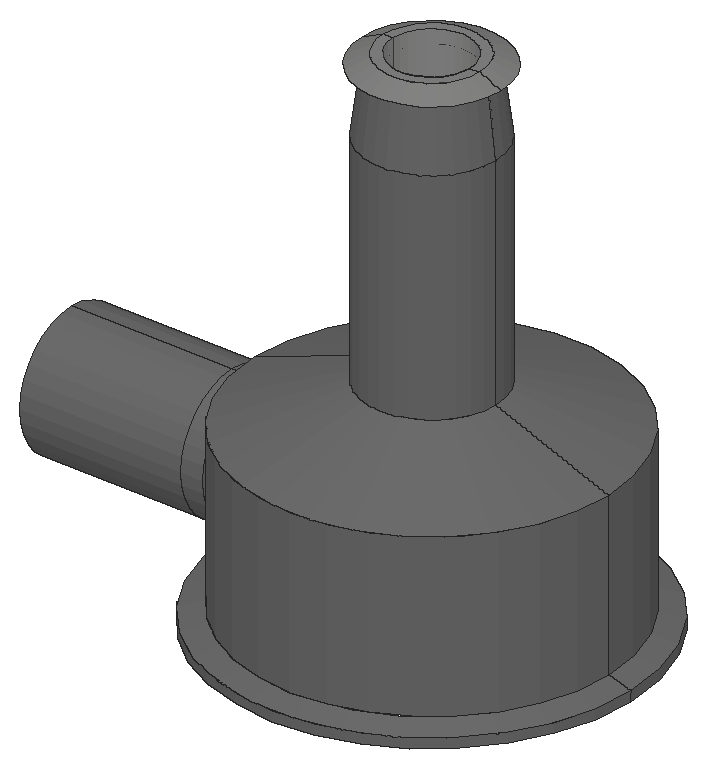
Revit family "Platek_Pico", category Apparecchi per illuminazione, host Superficie, Revit 2017 (continued)
Parameters (values of type "8495011_1,4W_LED_3000K_Full Inox")
    .90 432.25 387.60 \r\n339.15 296.40 256.50 222.30 189.05 158.65 132.05 112.10 \r\n94.34 79.80 66.12 55.10 45.98 38.38 32.49 27.64 24.04 \r\n20.52 17.48 14.82 12.92 11.02 9.12 6.89 4.89 3.14 2.02 \r\n1.37 1.05 0.89 0.77 0.84 0.97 1.06 1.04 1.05 1.15 1.30 \r\n1.33 1.34 1.30 1.32 1.31 1.26 1.23 1.14 1.15 1.09 1.09 \r\n1.04 1.00 0.88 0.73 0.61 0.52 0.49 0.46 0.42 0.37 0.30 \r\n0.26 0.23 0.24 0.21 0.18 0.14 0.12 0.11 0.09 0.10 0.08 \r\n0.08 0.06 0.05 0.02 0.01 0.01 0.00 0.00 0.00 0.00 0.00 \r\n0.00 \r\n662.15 629.85 598.50 560.50 516.80 470.25 426.55 383.80 \r\n338.20 295.45 255.55 221.35 189.05 158.65 133.00 112.10 \r\n94.81 79.99 66.59 55.86 46.84 39.14 33.06 28.12 24.41 \r\n20.62 17.48 14.54 12.45 10.45 8.88 6.86 4.94 3.09 1.95 \r\n1.34 1.09 0.94 0.79 0.83 0.89 1.02 1.01 1.08 1.15 1.26 \r\n1.26 1.26 1.24 1.26 1.24 1.21 1.18 1.14 1.11 1.04 1.02 \r\n0.96 0.90 0.80 0.70 0.60 0.54 0.49 0.46 0.40 0.33 0.25 \r\n0.21 0.20 0.20 0.18 0.16 0.14 0.12 0.10 0.07 0.06 0.05 \r\n0.05 0.04 0.04 0.02 0.01 0.00 0.00 0.00 0.00 0.00 0.00 \r\n0.00 \r\n662.15 627.95 597.55 561.45 518.70 469.30 423.70 381.90 \r\n337.25 295.45 254.60 219.45 187.15 158.65 133.95 114.00 \r\n95.95 80.94 67.55 56.81 47.50 39.90 33.54 28.79 24.89 \r\n21.18 17.77 14.54 12.35 10.36 8.89 6.95 5.04 3.12 1.97 \r\n1.37 1.17 0.99 0.82 0.80 0.81 0.90 0.93 1.07 1.16 1.26 \r\n1.24 1.27 1.29 1.34 1.31 1.25 1.21 1.14 1.06 0.97 0.92 \r\n0.89 0.82 0.73 0.64 0.57 0.51 0.46 0.44 0.39 0.32 0.23 \r\n0.18 0.17 0.16 0.14 0.13 0.13 0.13 0.10 0.07 0.05 0.04 \r\n0.04 0.04 0.03 0.02 0.01 0.01 0.00 0.00 0.00 0.00 0.00 \r\n0.00 \r\n662.15 624.15 596.60 566.20 527.25 475.95 426.55 381.90 \r\n338.20 295.45 253.65 216.60 186.20 158.65 135.85 114.00 \r\n95.95 81.13 68.11 57.09 47.59 40.09 34.01 29.36 25.37 \r\n21.66 18.24 15.01 12.54 10.45 8.91 7.09 5.13 3.24 2.05 \r\n1.46 1.24 1.04 0.87 0.83 0.82 0.90 0.94 1.04 1.11 1.18 \r\n1.18 1.21 1.24 1.26 1.24 1.21 1.19 1.14 1.06 0.96 0.88 \r\n0.85 0.74 0.66 0.57 0.53 0.47 0.42 0.40 0.37 0.33 0.26 \r\n0.20 0.18 0.15 0.13 0.11 0.13 0.13 0.11 0.08 0.04 0.03 \r\n0.03 0.03 0.02 0.02 0.02 0.02 0.01 0.00 0.00 0.00 0.00 \r\n0.00 \r\n662.15 623.20 593.75 565.25 529.15 480.70 431.30 382.85 \r\n338.20 293.55 251.75 215.65 185.25 158.65 136.80 114.95 \r\n96.90 81.22 68.50 57.29 47.59 39.90 33.73 29.26 25.27 \r\n21.75 18.34 15.39 12.82 10.73 8.92 7.18 5.21 3.45 2.24 \r\n1.63 1.32 1.06 0.85 0.79 0.80 0.86 0.88 0.95 1.02 1.09 \r\n1.12 1.13 1.17 1.22 1.24 1.21 1.17 1.11 1.04 0.94 0.84 \r\n0.78 0.67 0.61 0.53 0.48 0.42 0.37 0.36 0.35 0.34 0.30 \r\n0.24 0.20 0.14 0.12 0.10 0.11 0.11 0.09 0.07 0.04 0.03 \r\n0.02 0.02 0.02 0.03 0.03 0.03 0.01 0.00 0.00 0.00 0.00 \r\n0.00 \r\n662.15 618.45 585.20 557.65 524.40 479.75 432.25 382.85 \r\n335.35 288.80 248.90 213.75 186.20 159.60 137.75 115.90 \r\n97.85 81.51 68.88 57.66 47.79 39.52 33.06 28.50 24.61 \r\n21.47 18.34 15.77 13.11 10.93 8.88 7.17 5.22 3.57 2.37 \r\n1.73 1.30 0.99 0.76 0.72 0.76 0.83 0.84 0.88 0.94 1.03 \r\n1.06 1.04 1.04 1.05 1.13 1.14 1.12 1.05 0.98 0.90 0.78 \r\n0.70 0.61 0.59 0.54 0.49 0.41 0.35 0.33 0.33 0.33 0.32 \r\n0.26 0.20 0.13 0.11 0.09 0.09 0.08 0.06 0.04 0.03 0.02 \r\n0.02 0.01 0.01 0.02 0.02 0.02 0.01 0.00 0.00 0.00 0.00 \r\n0.00 \r\n662.15 620.35 584.25 551.95 515.85 474.05 428.45 378.10 \r\n330.60 283.10 245.10 211.85 184.30 159.60 137.75 116.85 \r\n98.80 81.98 68.88 57.66 47.59 38.57 31.64 26.98 23.37 \r\n20.71 17.96 15.68 13.11 10.93 8.75 6.96 5.15 3.63 2.48 \r\n1.76 1.24 0.88 0.64 0.62 0.66 0.74 0.76 0.81 0.88 0.98 \r\n1.02 1.00 1.01 1.04 1.14 1.14 1.09 1.01 0.92 0.83 0.69 \r\n0.59 0.57 0.60 0.59 0.52 0.43 0.35 0.32 0.31 0.31 0.29 \r\n0.22 0.15 0.10 0.08 0.08 0.08 0.07 0.04 0.03 0.02 0.01 \r\n0.01 0.01 0.00 0.01 0.01 0.01 0.00 0.00 0.00 0.00 0.00 \r\n0.00 \r\n662.15 622.25 585.20 550.05 513.00 471.20 426.55 376.20 \r\n326.80 280.25 243.20 210.90 183.35 158.65 136.80 116.85 \r\n97.85 81.70 68.50 57.19 47.12 38.09 31.07 26.03 22.71 \r\n20.14 17.77 15.39 13.11 10.93 8.72 6.74 5.02 3.53 2.46 \r\n1.70 1.20 0.85 0.63 0.60 0.64 0.70 0.74 0.81 0.88 0.97 \r\n1.01 1.03 1.03 1.04 1.08 1.07 1.02 0.96 0.89 0.81 0.66 \r\n0.56 0.55 0.60 0.61 0.53 0.44 0.35 0.31 0.30 0.28 0.26 \r\n0.19 0.12 0.08 0.07 0.08 0.08 0.06 0.04 0.02 0.01 0.00 \r\n0.00 0.00 0.00 0.00 0.00 0.00 0.00 0.00 0.00 0.00 0.00 \r\n0.00 \r\n662.15 627.95 591.85 552.90 512.05 469.30 423.70 372.40 \r\n324.90 279.30 242.25 209.00 180.50 156.75 134.90 114.95 \r\n96.90 80.66 67.73 56.52 46.74 37.91 30.88 25.65 22.14 \r\n19.57 17.29 15.01 12.82 10.64 8.55 6.50 4.87 3.52 2.52 \r\n1.76 1.25 0.92 0.70 0.64 0.66 0.69 0.73 0.80 0.86 0.93 \r\n0.96 1.03 1.08 1.15 1.14 1.08 0.99 0.95 0.94 0.88 0.73 \r\n0.58 0.52 0.55 0.55 0.51 0.43 0.35 0.29 0.27 0.24 0.21 \r\n0.15 0.10 0.07 0.06 0.07 0.07 0.06 0.04 0.02 0.01 0.00 \r\n0.00 0.00 0.00 0.00 0.00 0.00 0.00 0.00 0.00 0.00 0.00 \r\n0.00 \r\n662.15 631.75 594.70 552.90 512.05 468.35 421.80 369.55 \r\n323.00 279.30 242.25 208.05 179.55 154.85 133.00 114.00 \r\n95.95 80.66 68.31 57.19 47.22 38.48 31.45 26.03 22.42 \r\n19.76 17.57 15.20 12.92 10.64 8.51 6.40 4.74 3.44 2.53 \r\n1.82 1.34 1.02 0.80 0.72 0.71 0.73 0.79 0.86 0.94 1.00 \r\n1.04 1.14 1.21 1.27 1.24 1.12 0.98 0.93 0.97 0.94 0.80 \r\n0.63 0.53 0.52 0.50 0.47 0.38 0.32 0.25 0.23 0.20 0.18 \r\n0.14 0.10 0.07 0.06 0.05 0.05 0.04 0.04 0.02 0.01 0.00 \r\n0.00 0.00 0.00 0.00 0.00 0.00 0.00 0.00 0.00 0.00 0.00 \r\n0.00 \r\n662.15 632.70 597.55 554.80 512.05 465.50 417.05 366.70 \r\n320.15 278.35 242.25 209.00 179.55 155.80 133.95 113.05 \r\n95.95 80.94 69.06 58.14 47.88 38.95 31.73 26.22 22.52 \r\n19.95 17.86 15.48 13.02 10.54 8.26 6.21 4.54 3.37 2.56 \r\n1.92 1.39 1.04 0.80 0.72 0.71 0.76 0.85 0.90 0.99 1.03 \r\n1.11 1.22 1.32 1.41 1.36 1.22 1.03 0.95 0.96 0.94 0.81 \r\n0.66 0.56 0.53 0.51 0.46 0.38 0.33 0.27 0.24 0.20 0.16 \r\n0.13 0.11 0.08 0.07 0.04 0.04 0.03 0.04 0.02 0.01 0.01 \r\n0.01 0.01 0.00 0.00 0.00 0.00 0.00 0.00 0.00 0.00 0.00 \r\n0.00 \r\n662.15 629.85 597.55 557.65 515.85 464.55 415.15 366.70 \r\n321.10 280.25 244.15 211.85 182.40 156.75 133.95 113.05 \r\n95.95 81.32 69.35 58.33 47.88 38.95 31.92 26.79 23.27 \r\n20.62 18.43 16.05 13.39 10.73 8.23 6.17 4.45 3.30 2.47 \r\n1.86 1.34 1.02 0.81 0.75 0.74 0.77 0.90 0.95 1.06 1.09 \r\n1.24 1.37 1.45 1.49 1.38 1.24 1.04 0.95 0.89 0.85 0.76 \r\n0.67 0.63 0.62 0.55 0.47 0.38 0.35 0.31 0.28 0.22 0.17 \r\n0.15 0.14 0.12 0.10 0.07 0.06 0.05 0.04 0.03 0.02 0.01 \r\n0.01 0.01 0.01 0.01 0.01 0.01 0.01 0.00 0.00 0.00 0.00 \r\n0.00 \r\n662.15 622.25 592.80 559.55 520.60 468.35 416.10 368.60 \r\n323.00 284.05 246.05 214.70 185.25 158.65 134.90 113.05 \r\n95.00 80.75 68.59 57.38 47.02 38.29 31.73 26.98 23.37 \r\n20.62 18.34 16.25 13.59 10.83 8.13 6.10 4.44 3.29 2.38 \r\n1.77 1.26 0.99 0.83 0.78 0.76 0.77 0.91 0.95 1.07 1.08 \r\n1.24 1.38 1.46 1.48 1.33 1.24 1.06 0.97 0.86 0.79 0.73 \r\n0.70 0.68 0.68 0.63 0.56 0.47 0.44 0.41 0.35 0.28 0.22 \r\n0.20 0.19 0.17 0.14 0.10 0.08 0.07 0.06 0.04 0.03 0.02 \r\n0.01 0.01 0.01 0.02 0.02 0.02 0.01 0.01 0.00 0.00 0.00 \r\n0.00 \r\n662.15 624.15 595.65 563.35 523.45 470.25 418.00 371.45 \r\n326.80 286.90 248.90 216.60 187.15 160.55 134.90 113.05 \r\n95.00 80.18 67.83 56.34 46.08 37.62 31.35 26.89 23.27 \r\n20.52 18.24 16.34 13.87 11.21 8.42 6.41 4.68 3.41 2.35 \r\n1.71 1.26 1.04 0.92 0.82 0.77 0.72 0.84 0.92 1.08 1.12 \r\n1.23 1.36 1.43 1.43 1.28 1.21 1.09 1.00 0.88 0.80 0.76 \r\n0.74 0.70 0.68 0.65 0.61 0.55 0.51 0.46 0.40 0.32 0.28 \r\n0.25 0.25 0.21 0.18 0.13 0.11 0.09 0.08 0.06 0.04 0.02 \r\n0.01 0.02 0.02 0.03 0.03 0.03 0.02 0.01 0.01 0.00 0.00 \r\n0.00 \r\n662.15 623.20 595.65 565.25 527.25 475.95 421.80 373.35 \r\n326.80 286.90 248.90 216.60 187.15 160.55 135.85 114.95 \r\n96.90 81.89 68.78 56.62 46.08 37.52 31.07 26.50 22.71 \r\n19.95 17.77 16.05 13.68 11.12 8.45 6.50 4.75 3.41 2.30 \r\n1.69 1.29 1.06 0.90 0.78 0.75 0.73 0.85 0.98 1.14 1.20 \r\n1.24 1.29 1.33 1.33 1.25 1.22 1.17 1.06 0.95 0.86 0.82 \r\n0.78 0.72 0.68 0.68 0.69 0.66 0.60 0.52 0.45 0.37 0.32 \r\n0.27 0.26 0.23 0.20 0.15 0.12 0.10 0.09 0.07 0.05 0.04 \r\n0.03 0.04 0.04 0.04 0.03 0.03 0.03 0.03 0.02 0.01 0.00 \r\n0.00 \r\n662.15 625.10 597.55 568.10 529.15 476.90 422.75 373.35 \r\n327.75 286.90 248.90 217.55 188.10 161.50 136.80 115.90 \r\n98.80 84.17 70.49 57.86 46.55 37.72 31.07 26.41 22.61 \r\n19.95 17.77 15.96 13.68 11.21 8.72 6.81 4.95 3.51 2.35 \r\n1.75 1.37 1.10 0.90 0.76 0.73 0.76 0.87 1.05 1.21 1.29 \r\n1.28 1.30 1.30 1.30 1.25 1.22 1.19 1.12 1.05 0.97 0.90 \r\n0.81 0.71 0.65 0.67 0.69 0.68 0.62 0.54 0.46 0.37 0.31 \r\n0.26 0.24 0.22 0.20 0.16 0.14 0.13 0.11 0.09 0.06 0.06 \r\n0.05 0.06 0.05 0.05 0.03 0.03 0.03 0.04 0.02 0.01 0.00 \r\n0.00 \r\n662.15 625.10 598.50 572.85 533.90 480.70 423.70 373.35 \r\n327.75 287.85 250.80 219.45 189.05 162.45 136.80 117.80 \r\n101.65 86.73 72.48 59.19 47.31 38.09 31.45 26.60 22.80 \r\n20.05 17.96 16.15 13.87 11.40 8.96 6.94 5.07 3.58 2.45 \r\n1.80 1.41 1.15 0.95 0.82 0.77 0.82 0.92 1.14 1.26 1.37 \r\n1.34 1.35 1.32 1.28 1.23 1.18 1.18 1.16 1.14 1.07 0.97 \r\n0.82 0.70 0.65 0.68 0.71 0.71 0.63 0.55 0.46 0.35 0.27 \r\n0.21 0.21 0.21 0.20 0.18 0.16 0.14 0.12 0.11 0.08 0.07 \r\n0.07 0.07 0.06 0.04 0.02 0.03 0.03 0.05 0.03 0.02 0.00 \r\n0.00 \r\n662.15 629.85 603.25 576.65 532.95 478.80 422.75 374.30 \r\n328.70 287.85 250.80 220.40 190.00 162.45 137.75 117.80 \r\n101.65 86.83 72.77 59.47 47.69 38.19 31.35 26.41 22.71 \r\n20.05 18.24 16.53 14.35 11.97 9.48 7.31 5.36 3.78 2.64 \r\n1.88 1.46 1.24 1.11 1.01 0.91 0.90 0.92 1.09 1.18 1.29 \r\n1.29 1.34 1.36 1.33 1.24 1.15 1.14 1.17 1.18 1.12 0.98 \r\n0.81 0.68 0.62 0.66 0.68 0.68 0.58 0.49 0.40 0.31 0.24 \r\n0.19 0.20 0.21 0.21 0.20 0.17 0.14 0.12 0.11 0.08 0.06 \r\n0.05 0.06 0.05 0.04 0.02 0.02 0.02 0.04 0.03 0.02 0.01 \r\n0.00 \r\n662.15 637.45 610.85 580.45 532.95 479.75 424.65 379.05 \r\n333.45 290.70 253.65 221.35 190.95 161.50 137.75 117.80 \r\n101.65 86.26 72.01 58.71 47.50 38.38 31.45 26.22 22.32 \r\n19.66 18.05 16.43 14.35 11.88 9.44 7.19 5.32 3.72 2.64 \r\n1.87 1.46 1.28 1.22 1.14 1.02 0.94 0.92 1.02 1.10 1.22 \r\n1.25 1.33 1.37 1.31 1.22 1.13 1.15 1.17 1.16 1.08 0.96 \r\n0.81 0.71 0.65 0.67 0.68 0.66 0.55 0.46 0.39 0.33 0.28 \r\n0.24 0.24 0.24 0.23 0.21 0.16 0.13 0.10 0.09 0.06 0.05 \r\n0.04 0.05 0.05 0.05 0.04 0.03 0.03 0.03 0.03 0.02 0.01 \r\n0.00 \r\n662.15 639.35 612.75 579.50 532.00 481.65 430.35 384.75 \r\n339.15 295.45 255.55 221.35 190.95 162.45 138.70 117.80 \r\n100.70 84.55 70.20 57.09 46.55 38.09 31.25 26.13 22.04 \r\n19.29 17.57 15.87 13.96 11.40 9.10 6.88 5.07 3.52 2.51 \r\n1.81 1.43 1.23 1.18 1.16 1.11 1.04 0.99 0.98 1.01 1.07 \r\n1.16 1.26 1.33 1.30 1.21 1.14 1.15 1.17 1.13 1.06 0.97 \r\n0.88 0.77 0.69 0.66 0.64 0.61 0.52 0.45 0.40 0.37 0.35 \r\n0.33 0.31 0.29 0.27 0.22 0.16 0.12 0.09 0.09 0.06 0.04 \r\n0.03 0.04 0.04 0.05 0.05 0.04 0.03 0.03 0.03 0.02 0.01 \r\n0.00 \r\n662.15 641.25 613.70 576.65 532.95 485.45 437.95 391.40 \r\n344.85 301.15 260.30 224.20 191.90 163.40 139.65 118.75 \r\n100.70 83.60 68.78 55.58 45.31 37.52 31.16 26.22 22.04 \r\n19.00 17.10 15.11 13.21 10.64 8.42 6.27 4.68 3.22 2.30 \r\n1.69 1.35 1.12 1.02 1.01 1.05 1.04 1.05 1.00 0.99 1.01 \r\n1.09 1.21 1.29 1.29 1.24 1.22 1.22 1.19 1.13 1.08 1.04 \r\n1.00 0.90 0.80 0.71 0.64 0.60 0.53 0.50 0.45 0.44 0.42 \r\n0.40 0.37 0.33 0.28 0.23 0.17 0.13 0.11 0.09 0.06 0.04 \r\n0.03 0.03 0.04 0.04 0.04 0.04 0.04 0.04 0.04 0.02 0.01 \r\n0.00 \r\n662.15 641.25 612.75 573.80 533.90 489.25 443.65 396.15 \r\n349.60 304.95 261.25 224.20 192.85 164.35 140.60 118.75 \r\n99.75 82.08 67.45 55.01 44.55 36.77 30.50 25.84 21.85 \r\n18.62 16.43 14.35 12.73 10.36 8.17 5.99 4.40 3.03 2.18 \r\n1.64 1.32 1.04 0.89 0.87 1.00 1.07 1.13 1.06 1.01 0.96 \r\n1.03 1.14 1.25 1.30 1.27 1.26 1.24 1.23 1.16 1.14 1.11 \r\n1.09 0.99 0.87 0.75 0.65 0.60 0.55 0.54 0.48 0.44 0.41 \r\n0.40 0.38 0.34 0.29 0.23 0.19 0.16 0.14 0.11 0.08 0.06 \r\n0.04 0.03 0.02 0.02 0.03 0.02 0.03 0.03 0.04 0.02 0.01 \r\n0.00 \r\n662.15 638.40 609.90 573.80 538.65 494.00 447.45 398.05 \r\n351.50 306.85 263.15 225.15 192.85 165.30 140.60 117.80 \r\n97.85 81.03 66.59 54.53 43.89 36.01 29.45 24.98 21.18 \r\n18.14 15.87 13.87 12.35 10.26 8.16 5.93 4.29 2.97 2.11 \r\n1.59 1.25 0.98 0.79 0.73 0.86 0.99 1.10 1.07 1.04 0.98 \r\n1.03 1.11 1.21 1.24 1.25 1.31 1.32 1.30 1.18 1.13 1.07 \r\n1.06 0.97 0.88 0.78 0.68 0.62 0.56 0.54 0.47 0.42 0.37 \r\n0.34 0.32 0.29 0.27 0.21 0.19 0.16 0.14 0.11 0.08 0.06 \r\n0.04 0.03 0.02 0.01 0.01 0.01 0.02 0.03 0.03 0.02 0.01 \r\n0.00 \r\n662.15 630.80 606.10 576.65 548.15 500.65 451.25 399.00 \r\n353.40 309.70 265.05 226.10 192.85 165.30 140.60 116.85 \r\n95.95 79.14 64.98 53.58 43.13 35.34 28.50 24.04 20.14 \r\n17.39 15.20 13.49 12.16 10.45 8.45 6.24 4.42 3.02 2.07 \r\n1.53 1.19 0.95 0.77 0.72 0.83 0.95 1.06 1.04 1.04 0.99 \r\n1.05 1.12 1.18 1.17 1.16 1.24 1.29 1.29 1.16 1.08 0.98 \r\n0.95 0.85 0.77 0.70 0.64 0.61 0.54 0.50 0.42 0.35 0.29 \r\n0.25 0.24 0.21 0.20 0.17 0.15 0.13 0.12 0.09 0.07 0.05 \r\n0.04 0.03 0.01 0.00 0.00 0.00 0.01 0.01 0.02 0.01 0.00 \r\n0.00 \r\n662.15 626.05 605.15 584.25 560.50 510.15 455.05 399.00 \r\n354.35 310.65 268.85 228.95 193.80 166.25 139.65 115.90 \r\n94.91 77.23 63.08 51.59 41.52 34.01 27.46 23.09 19.48 \r\n17.00 15.01 13.39 11.97 10.36 8.46 6.48 4.68 3.26 2.22 \r\n1.57 1.14 0.90 0.76 0.74 0.82 0.89 0.96 0.91 0.95 0.94 \r\n1.06 1.14 1.18 1.13 1.13 1.22 1.27 1.26 1.12 1.03 0.88 \r\n0.81 0.68 0.61 0.57 0.56 0.54 0.47 0.41 0.32 0.25 0.20 \r\n0.18 0.17 0.15 0.15 0.13 0.11 0.09 0.08 0.06 0.04 0.03 \r\n0.03 0.02 0.02 0.01 0.00 0.00 0.00 0.00 0.00 0.00 0.00 \r\n0.00 \r\n662.15 627.00 610.85 595.65 571.90 519.65 461.70 403.75 \r\n359.10 314.45 273.60 231.80 197.60 167.20 140.60 115.90 \r\n93.86 75.53 61.27 49.59 39.99 32.59 26.60 22.42 19.09 \r\n16.82 15.01 13.49 11.88 10.17 8.37 6.61 4.87 3.49 2.38 \r\n1.65 1.17 0.92 0.82 0.79 0.85 0.86 0.89 0.81 0.84 0.87 \r\n1.04 1.16 1.24 1.22 1.21 1.23 1.24 1.22 1.11 1.02 0.85 \r\n0.72 0.57 0.49 0.45 0.46 0.45 0.40 0.33 0.25 0.19 0.15 \r\n0.13 0.13 0.11 0.10 0.09 0.08 0.06 0.05 0.04 0.03 0.03 \r\n0.03 0.03 0.02 0.01 0.00 0.00 0.00 0.00 0.00 0.00 0.00 \r\n0.00 \r\n662.15 630.80 614.65 598.50 571.90 520.60 465.50 407.55 \r\n361.00 316.35 275.50 234.65 200.45 168.15 141.55 115.90 \r\n94.05 74.86 60.23 48.26 38.86 31.54 26.03 22.23 19.38 \r\n17.20 15.29 13.49 11.69 9.88 8.07 6.41 4.83 3.55 2.56 \r\n1.80 1.26 0.97 0.87 0.81 0.83 0.80 0.83 0.78 0.84 0.91 \r\n1.08 1.22 1.32 1.35 1.35 1.30 1.24 1.19 1.13 1.02 0.83 \r\n0.67 0.53 0.46 0.42 0.41 0.40 0.35 0.29 0.23 0.17 0.14 \r\n0.12 0.13 0.11 0.10 0.08 0.06 0.04 0.03 0.03 0.03 0.04 \r\n0.04 0.04 0.02 0.01 0.00 0.00 0.00 0.00 0.00 0.00 0.00 \r\n0.00 \r\n662.15 630.80 612.75 595.65 566.20 517.75 464.55 409.45 \r\n362.90 317.30 277.40 236.55 202.35 170.05 142.50 116.85 \r\n94.53 74.86 59.76 47.59 38.38 31.16 26.03 22.42 19.66 \r\n17.39 15.29 13.39 11.40 9.69 7.88 6.22 4.68 3.48 2.49 \r\n1.72 1.25 1.02 0.94 0.82 0.79 0.74 0.80 0.82 0.91 0.99 \r\n1.11 1.24 1.36 1.42 1.41 1.29 1.20 1.11 1.06 0.95 0.79 \r\n0.66 0.58 0.51 0.46 0.42 0.40 0.38 0.33 0.29 0.21 0.17 \r\n0.13 0.12 0.11 0.10 0.09 0.07 0.05 0.03 0.03 0.05 0.06 \r\n0.06 0.05 0.03 0.01 0.01 0.00 0.00 0.00 0.00 0.00 0.00 \r\n0.00 \r\n662.15 630.80 607.05 586.15 554.80 510.15 458.85 406.60 \r\n360.05 317.30 277.40 237.50 202.35 170.05 142.50 116.85 \r\n95.00 75.14 59.56 47.41 38.38 31.54 26.41 22.80 19.86 \r\n17.48 15.20 13.21 11.21 9.43 7.64 5.99 4.59 3.41 2.45 \r\n1.65 1.23 1.01 0.93 0.83 0.77 0.74 0.78 0.87 0.96 1.07 \r\n1.16 1.28 1.37 1.43 1.39 1.26 1.11 1.00 0.92 0.83 0.75 \r\n0.70 0.66 0.63 0.56 0.51 0.47 0.45 0.41 0.35 0.26 0.20 \r\n0.15 0.14 0.13 0.12 0.10 0.09 0.07 0.05 0.04 0.05 0.06 \r\n0.06 0.05 0.03 0.02 0.02 0.01 0.01 0.00 0.00 0.01 0.01 \r\n0.00 \r\n662.15 636.50 611.80 589.00 552.90 510.15 457.90 409.45 \r\n361.00 319.20 277.40 238.45 200.45 169.10 140.60 115.90 \r\n93.95 74.58 59.09 47.12 38.19 31.54 26.60 22.89 19.66 \r\n17.20 14.82 12.92 10.93 9.15 7.50 6.03 4.73 3.49 2.42 \r\n1.55 1.12 0.93 0.86 0.79 0.74 0.75 0.76 0.86 0.94 1.05 \r\n1.12 1.24 1.31 1.36 1.29 1.20 1.06 0.93 0.81 0.75 0.74 \r\n0.77 0.76 0.75 0.68 0.65 0.57 0.54 0.47 0.41 0.31 0.23 \r\n0.18 0.15 0.14 0.13 0.11 0.10 0.09 0.08 0.07 0.07 0.05 \r\n0.05 0.03 0.03 0.03 0.04 0.03 0.02 0.01 0.01 0.01 0.01 \r\n0.00 \r\n662.15 647.90 624.15 595.65 555.75 515.85 464.55 416.10 \r\n366.70 323.00 278.35 237.50 199.50 168.15 139.65 114.95 \r\n92.15 72.96 57.95 46.65 37.81 31.16 26.13 22.23 19.09 \r\n16.53 14.35 12.45 10.54 8.81 7.31 5.99 4.79 3.51 2.46 \r\n1.56 1.14 0.89 0.81 0.79 0.79 0.84 0.83 0.89 0.93 1.02 \r\n1.08 1.21 1.26 1.29 1.24 1.20 1.09 0.96 0.83 0.78 0.79 \r\n0.84 0.80 0.79 0.72 0.73 0.64 0.58 0.49 0.43 0.34 0.26 \r\n0.21 0.1
